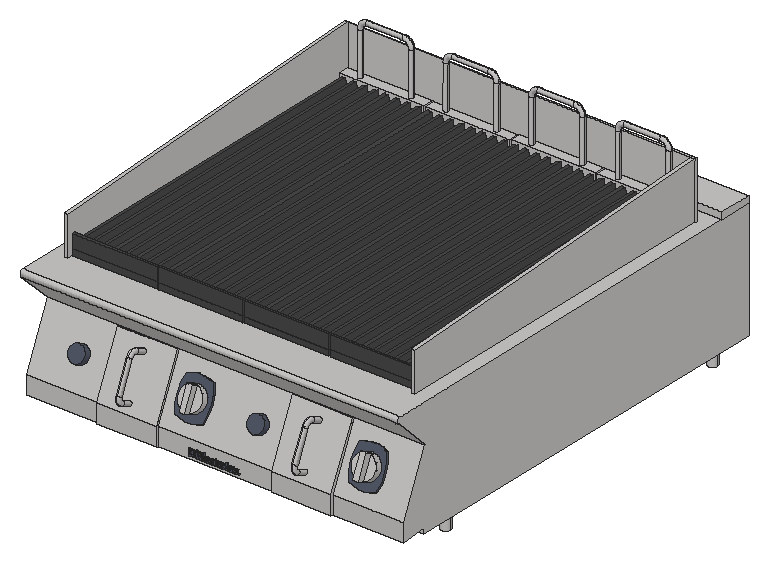
Revit family "QF_ELECTROLUXPROFESSIONAL_391187_E9GRTHGC0P", category Specialty Equipment, Revit 2018
Family settings
  Round Connector Dimension = Use Diameter
  Part Type = Normal
  Work Plane-Based = No
  Always vertical = Yes
  Cut with Voids When Loaded = No
  Shared = No
  Room Calculation Point = No
Parameters
  Width = 800 mm  # constant formula
  Weight in Pounds = 242.5  # constant formula
  Watts = 0 W
  URL Cutsheet = "www.electrolux.com"
  URL = "www.electrolux.com"
  Type Mark [instance] = ""
  Status [instance] = ""
  Specification by User [instance] = ""
  Specification by Manufacturer = ""
  Show Logo [instance] = yes
  Show Clearance [instance] = yes
  Serial Number = ""
  Seismic Rating = ""
  SMACNA No = ""
  Revision Code [instance] = ""
  Omniclass Number and Title = ""
  NAFEM Spec ID Number = ""
  Model = "391187"
  Mechanical Remarks [instance] = ""
  Mechanical Connection Type [instance] = ""
  Masterspec = ""
  Manufacturer = "ELECTROLUX"
  Item Number [instance] = ""
  Installed By [instance] = ""
  Identify Quantity as Lot [instance] = yes
  HP = "0 HP"
  Gas Size = 19.1 mm  # 0.75197"
  Gas RI Height [instance] = 0 mm
  Gas KW [instance] = 20  # constant formula
  Gas Input [instance] = 20000 VA  # 68242.8 Btu/h
  Gas Connection Height = 0 mm
  Furnished By [instance] = ""
  Foodservice Equipment Identifier [instance] = yes
  Direct Waste Size = 0"
  Description = "GAS GRILL TOP HP 800 MM TOWN GAS"
  Depth = 930 mm  # constant formula
  CSI MasterFormat = ""
  CSI Master Format = ""
  Base Height [instance] = 0 mm
Reference planes
  plane 1 "BACK": y = 0
  plane 2: z = 0
  plane 3 "LEFT": x = 0
  plane 4 "RIGHT": x = 800
  plane 5 "FRONT": y = -930
  plane 6 "TOP": z = 275
  plane 7 "Center Y": x = 400
  plane 8 "Center X": y = -465
  plane 9: z = 24
  plane 10: z = 424
  plane 11: x = 11
  plane 12: x = 789
  plane 13: y = -1690
  plane 14: x = 748
Forms (mm)
  Extrusion 1, solid, material "QF_Finishes_Stainless Steel"
    sketch origin (0, 0, 0) x (0, 1, 0) y (0, 0, 1)
      loop
        line (0, 275) -> (-922.639, 275)
        arc (-922.639, 275) -> (-929.44, 270.456) -> (-927.844, 262.434) r 7.361
        line (-927.844, 262.434) -> (-857.044, 191.634) -> (-913.4, 69.19) -> (-913.4, 31.09) -> (-860.028, 36.7) -> (-860.028, 24) -> (0, 24) -> (0, 275)
    from 0 to 800.1
  Extrusion 2, solid, material "QF_Finishes_Stainless Steel"
    sketch origin (0, 0, 0) x (1, 0, 0) y (0, 1, 0)
      loop
        circle (11, -80) r 9.525
      loop
        circle (11, -788) r 9.525
      loop
        circle (789, -80) r 9.525
      loop
        circle (789, -788) r 9.525
    from 0 to 24
  Extrusion 3, solid, material "QF_Clearances", visible <- "Show Clearance", detail levels coarse
    sketch origin (0, 0, 0) x (1, 0, 0) y (0, 1, 0)
      loop
        line (0, -930) -> (0, 0) -> (800, 0) -> (800, -930) -> (952, -930) -> (952, 203) -> (-150.019, 203) -> (-150.019, -930) -> (0, -930)
    from 0 to 424
  Extrusion 4, solid, material "QF_Finishes_Navy Blue"
    sketch origin (603.031, -927.103, 39.419) x (0, 0.418102, 0.9084) y (-1, 0, 0)
      loop
        circle (98.862, 129.601) r 17.8
    from 0 to 12.7
  Extrusion 5, solid, material "QF_Finishes_Stainless Steel"
    sketch origin (151.15, -199.714, 0) x (0, 1, 0) y (0, 0, 1)
      loop
        line (-657.416, 191.447) -> (-660.323, 192.784) -> (-716.972, 69.704) -> (-716.972, 30.903) -> (-713.772, 30.903) -> (-713.772, 69.003) -> (-657.416, 191.447)
    from 0 to 127
  Sweep 6, solid, material "QF_Finishes_Stainless Steel"
    path origin (213.65, -199.714, 0) x (0, 1, 0) y (0, 0, 1)
      loop
        line (-670.615, 170.424) -> (-691.243, 179.918)
        arc (-691.243, 179.918) -> (-700.956, 180.294) -> (-708.09, 173.692) r 12.7
        line (-708.09, 173.692) -> (-735.638, 113.839)
        arc (-735.638, 113.839) -> (-736.013, 104.126) -> (-729.411, 96.993) r 12.7
        line (-729.411, 96.993) -> (-708.782, 87.498)
    profile origin (213.65, -880.643, 175.171) x (0, -0.418102, -0.9084) y (1, 0, 0)
      loop
        circle (0, 0) r 4.572
  Extrusion 7, solid, material "QF_Finishes_Navy Blue"
    sketch origin (653.031, -927.103, 39.419) x (0, 0.418102, 0.9084) y (-1, 0, 0)
      loop
        circle (98.862, 559.801) r 17.8
    from 0 to 12.7
  Extrusion 8, solid, material "QF_Finishes_Stainless Steel"
    sketch origin (648.95, -199.714, 0) x (0, 1, 0) y (0, 0, -1)
      loop
        line (-657.416, -191.447) -> (-713.772, -69.003) -> (-713.772, -30.903) -> (-716.972, -30.903) -> (-716.972, -69.704) -> (-660.323, -192.784) -> (-657.416, -191.447)
    from 0 to 127
  Sweep 9, solid, material "QF_Finishes_Stainless Steel"
    path origin (586.45, -199.714, 0) x (0, 1, 0) y (0, 0, -1)
      loop
        line (-670.615, -170.424) -> (-691.243, -179.918)
        arc (-691.243, -179.918) -> (-700.956, -180.294) -> (-708.09, -173.692) r 12.7
        line (-708.09, -173.692) -> (-735.638, -113.839)
        arc (-735.638, -113.839) -> (-736.013, -104.126) -> (-729.411, -96.993) r 12.7
        line (-729.411, -96.993) -> (-708.782, -87.498)
    profile origin (586.45, -880.643, 175.171) x (0, 0.418102, 0.9084) y (-1, 0, 0)
      loop
        circle (0, 0) r 4.572
  Extrusion 10, solid, material "QF_Door-Drawer Clearances", visible <- "Show Clearance", detail levels coarse
    sketch origin (151.15, -199.714, 0) x (0, 1, 0) y (0, 0, 1)
      loop
        line (-660.323, 192.784) -> (-1409.258, 192.784) -> (-1465.907, 69.704) -> (-1465.907, 30.903) -> (-716.972, 30.903) -> (-716.972, 69.704) -> (-660.323, 192.784)
    from 0 to 127
  Extrusion 11, solid, material "QF_Door-Drawer Clearances", visible <- "Show Clearance", detail levels coarse
    sketch origin (521.95, -199.714, 0) x (0, 1, 0) y (0, 0, 1)
      loop
        line (-660.323, 192.784) -> (-1409.258, 192.784) -> (-1465.907, 69.704) -> (-1465.907, 30.903) -> (-716.972, 30.903) -> (-716.972, 69.704) -> (-660.323, 192.784)
    from 0 to 127
  Extrusion 12, solid, material "QF_Finishes_Navy Blue"
    sketch origin (-203.02, -913.486, 69.003) x (0, 0.418102, 0.9084) y (-1, 0, 0)
      loop
        arc (102.623, -510.47) -> (67.041, -502.846) -> (31.333, -509.853) r 90.5
        arc (31.333, -509.853) -> (24.507, -539.04) -> (31.333, -568.228) r 65.817
        arc (31.333, -568.228) -> (67.04, -575.188) -> (102.623, -567.615) r 91.066
        arc (102.623, -567.615) -> (109.179, -539.043) -> (102.623, -510.47) r 65.546
    from 0 to 3.175
  Extrusion 13, solid, material "QF_Finishes_Stainless Steel"
    sketch origin (175.73, -917.2, 68.529) x (0, 0.418102, 0.9084) y (-1, 0, 0)
      loop
        circle (68.826, -160.963) r 25.4
    from 0 to 12.7
  Extrusion 14, solid, material "QF_Finishes_Stainless Steel"
    sketch origin (175.73, -928.736, 73.839) x (0, 0.418102, 0.9084) y (-1, 0, 0)
      loop
        arc (93.558, -166.749) -> (94.226, -160.963) -> (93.558, -155.177) r 25.4
        line (93.558, -155.177) -> (44.094, -155.177)
        arc (44.094, -155.177) -> (43.426, -160.963) -> (44.094, -166.749) r 25.4
        line (44.094, -166.749) -> (93.558, -166.749)
    from 0 to 12.7
  Extrusion 15, solid, material "QF_Finishes_Stainless Steel"
    sketch origin (543.994, -917.2, 68.529) x (0, 0.418102, 0.9084) y (-1, 0, 0)
      loop
        circle (68.826, -160.963) r 25.4
    from 0 to 12.7
  Extrusion 16, solid, material "QF_Finishes_Stainless Steel"
    sketch origin (543.994, -928.736, 73.839) x (0, 0.418102, 0.9084) y (-1, 0, 0)
      loop
        arc (93.558, -166.749) -> (94.226, -160.963) -> (93.558, -155.177) r 25.4
        line (93.558, -155.177) -> (44.094, -155.177)
        arc (44.094, -155.177) -> (43.426, -160.963) -> (44.094, -166.749) r 25.4
        line (44.094, -166.749) -> (93.558, -166.749)
    from 0 to 12.7
  Extrusion 17, solid, material "QF_Finishes_Navy Blue", visible <- "Show Logo"
    sketch origin (58.349, -913.486, 30.903) x (0, 0, 1) y (-1, 0, 0)
      loop
        line (20.674, -296.698) -> (8.307, -296.698)
        arc (8.307, -296.698) -> (14.491, -301.27) -> (20.674, -296.698) r 6.467
      loop
        arc (20.674, -296.069) -> (19.505, -290.926) -> (14.849, -288.448) r 6.338
        line (14.849, -288.448) -> (14.849, -290.494)
        arc (14.849, -290.494) -> (16.333, -294.149) -> (19.778, -296.069) r 5.941
        line (19.778, -296.069) -> (20.674, -296.069)
      loop
        arc (9.203, -296.069) -> (12.648, -294.149) -> (14.132, -290.494) r 5.941
        line (14.132, -290.494) -> (14.132, -288.448)
        arc (14.132, -288.448) -> (9.438, -290.922) -> (8.148, -296.069) r 6.504
        line (8.148, -296.069) -> (9.203, -296.069)
      loop
        line (21.349, -287.979) -> (7.604, -287.979) -> (7.604, -301.742) -> (21.349, -301.742) -> (21.349, -287.979)
      loop
        arc (21.432, -304.71) -> (21.085, -304.352) -> (20.718, -304.69) r 0.358
        arc (20.718, -304.69) -> (20.404, -305.44) -> (19.687, -305.825) r 1.216
        line (19.687, -305.825) -> (9.274, -305.825)
        arc (9.274, -305.825) -> (8.614, -305.548) -> (8.218, -304.951) r 1.238
        arc (8.218, -304.951) -> (7.823, -304.7) -> (7.518, -305.054) r 0.358
        line (7.518, -305.054) -> (7.518, -314.933) -> (10.269, -314.933) -> (10.269, -314.036)
        arc (10.269, -314.036) -> (9.36, -313.456) -> (8.904, -312.479) r 1.928
        line (8.904, -312.479) -> (8.904, -309.98)
        arc (8.904, -309.98) -> (9.18, -309.251) -> (9.868, -308.887) r 1.101
        line (9.868, -308.887) -> (13.955, -308.887) -> (13.955, -312.561)
        arc (13.955, -312.561) -> (13.602, -313.058) -> (13.037, -313.286) r 1.083
        arc (13.037, -313.286) -> (12.773, -313.591) -> (13.065, -313.869) r 0.292
        line (13.065, -313.869) -> (16.028, -313.869)
        arc (16.028, -313.869) -> (16.33, -313.596) -> (16.092, -313.266) r 0.305
        arc (16.092, -313.266) -> (15.601, -313.018) -> (15.296, -312.561) r 1.083
        line (15.296, -312.561) -> (15.296, -308.887) -> (19.973, -308.887) -> (19.973, -312.635)
        arc (19.973, -312.635) -> (19.759, -313.39) -> (19.153, -313.888) r 1.314
        arc (19.153, -313.888) -> (18.934, -314.292) -> (19.288, -314.585) r 0.361
        line (19.288, -314.585) -> (21.432, -314.585) -> (21.432, -304.71)
      loop
        arc (20.715, -315.365) -> (20.335, -316.284) -> (19.416, -316.664) r 1.299
        line (19.416, -316.664) -> (9.837, -316.664)
        arc (9.837, -316.664) -> (8.999, -316.286) -> (8.728, -315.408) r 1.118
        line (8.728, -315.408) -> (7.518, -315.408) -> (7.518, -320.758) -> (8.706, -320.758)
        arc (8.706, -320.758) -> (8.978, -319.841) -> (9.848, -319.445) r 1.153
        line (9.848, -319.445) -> (21.92, -319.445) -> (20.715, -315.365)
      loop
        line (12.483, -323.394) -> (12.483, -329.842) -> (13.282, -329.842)
        arc (13.282, -329.842) -> (15.862, -328.857) -> (17.131, -326.404) r 3.874
        line (17.131, -326.404) -> (17.131, -324.643)
        arc (17.131, -324.643) -> (15.944, -321.778) -> (13.08, -320.592) r 4.051
        line (13.08, -320.592) -> (11.072, -320.592)
        arc (11.072, -320.592) -> (8.253, -322.077) -> (7.202, -325.084) r 4.352
        arc (7.202, -325.084) -> (7.566, -327.547) -> (8.943, -329.621) r 5.713
        line (8.943, -329.621) -> (9.892, -329.621)
        arc (9.892, -329.621) -> (9.16, -328.052) -> (8.943, -326.334) r 5.579
        arc (8.943, -326.334) -> (9.737, -324.371) -> (11.616, -323.394) r 3.057
        line (11.616, -323.394) -> (12.483, -323.394)
      loop
        line (13.742, -323.394) -> (13.742, -326.977)
        arc (13.742, -326.977) -> (15.199, -327.024) -> (16.082, -325.864) r 1.59
        line (16.082, -325.864) -> (16.082, -325.034)
        arc (16.082, -325.034) -> (15.217, -323.779) -> (13.742, -323.394) r 2.184
      loop
        arc (16.533, -339.259) -> (17.022, -337.585) -> (17.179, -335.848) r 9.023
        line (17.179, -335.848) -> (17.179, -334.486)
        arc (17.179, -334.486) -> (16.02, -331.686) -> (13.22, -330.527) r 3.959
        line (13.22, -330.527) -> (10.62, -330.527)
        arc (10.62, -330.527) -> (8.338, -331.819) -> (7.221, -334.192) r 4.331
        line (7.221, -334.192) -> (7.221, -336.327)
        arc (7.221, -336.327) -> (7.729, -337.877) -> (8.651, -339.223) r 5.772
        arc (8.651, -339.223) -> (9.412, -339.274) -> (9.499, -338.515) r 0.553
        arc (9.499, -338.515) -> (9.111, -337.781) -> (8.977, -336.962) r 2.573
        line (8.977, -336.962) -> (8.977, -335.447)
        arc (8.977, -335.447) -> (9.983, -333.806) -> (11.798, -333.163) r 2.884
        line (11.798, -333.163) -> (13.077, -333.163)
        arc (13.077, -333.163) -> (14.898, -333.723) -> (15.824, -335.388) r 2.554
        line (15.824, -335.388) -> (15.824, -336.441)
        arc (15.824, -336.441) -> (15.493, -337.369) -> (14.836, -338.104) r 2.564
        arc (14.836, -338.104) -> (14.614, -338.821) -> (15.223, -339.259) r 0.643
        line (15.223, -339.259) -> (16.533, -339.259)
      loop
        line (15.515, -339.53) -> (15.515, -341.031) -> (9.467, -341.031)
        arc (9.467, -341.031) -> (7.879, -341.688) -> (7.221, -343.276) r 2.246
        line (7.221, -343.276) -> (7.221, -344.86)
        arc (7.221, -344.86) -> (7.535, -345.725) -> (8.035, -346.496) r 4.06
        arc (8.035, -346.496) -> (8.768, -346.629) -> (9.019, -345.928) r 0.576
        arc (9.019, -345.928) -> (8.913, -345.403) -> (8.977, -344.87) r 1.69
        arc (8.977, -344.87) -> (9.519, -344.082) -> (10.425, -343.779) r 1.506
        line (10.425, -343.779) -> (15.563, -343.779) -> (15.563, -346.176) -> (16.119, -346.733) -> (16.941, -346.733) -> (16.941, -343.873) -> (20.172, -343.873) -> (15.515, -339.53)
      loop
        line (7.438, -347.63) -> (7.438, -353.017) -> (8.548, -353.017)
        arc (8.548, -353.017) -> (8.942, -352.066) -> (9.893, -351.672) r 1.345
        line (9.893, -351.672) -> (13.509, -351.672)
        arc (13.509, -351.672) -> (14.274, -352.264) -> (14.564, -353.186) r 1.615
        line (14.564, -353.186) -> (14.564, -354.742) -> (17.119, -355.427) -> (17.119, -354.044) -> (15.177, -351.485) -> (17.057, -351.485) -> (16.773, -348.779)
        arc (16.773, -348.779) -> (16.333, -348.249) -> (15.674, -348.45) r 0.621
        arc (15.674, -348.45) -> (15.274, -348.792) -> (14.78, -348.975) r 1.501
        line (14.78, -348.975) -> (9.893, -348.975)
        arc (9.893, -348.975) -> (8.942, -348.581) -> (8.548, -347.63) r 1.345
        line (8.548, -347.63) -> (7.438, -347.63)
      loop
        line (13.54, -354.964) -> (10.848, -354.964)
        arc (10.848, -354.964) -> (8.403, -356.272) -> (7.269, -358.803) r 4.288
        arc (7.269, -358.803) -> (7.205, -360.183) -> (7.269, -361.563) r 15.022
        arc (7.269, -361.563) -> (8.403, -364.094) -> (10.848, -365.401) r 4.288
        line (10.848, -365.401) -> (13.54, -365.401)
        arc (13.54, -365.401) -> (15.986, -364.094) -> (17.119, -361.563) r 4.288
        arc (17.119, -361.563) -> (17.183, -360.183) -> (17.119, -358.803) r 15.022
        arc (17.119, -358.803) -> (15.986, -356.272) -> (13.54, -354.964) r 4.288
      loop
        line (13.745, -358.078) -> (10.643, -358.078)
        arc (10.643, -358.078) -> (8.486, -360.235) -> (10.643, -362.392) r 2.157
        line (10.643, -362.392) -> (13.745, -362.392)
        arc (13.745, -362.392) -> (15.902, -360.235) -> (13.745, -358.078) r 2.157
      loop
        arc (20.726, -365.26) -> (20.355, -366.154) -> (19.461, -366.524) r 1.264
        line (19.461, -366.524) -> (9.597, -366.524)
        arc (9.597, -366.524) -> (8.727, -366.127) -> (8.455, -365.211) r 1.153
        line (8.455, -365.211) -> (7.518, -365.211) -> (7.518, -370.319) -> (8.446, -370.319)
        arc (8.446, -370.319) -> (8.805, -369.547) -> (9.597, -369.232) r 1.153
        line (9.597, -369.232) -> (21.92, -369.232) -> (20.726, -365.26)
      loop
        arc (15.846, -369.857) -> (15.647, -370.921) -> (14.678, -371.403) r 1.215
        line (14.678, -371.403) -> (9.658, -371.403)
        arc (9.658, -371.403) -> (8.043, -372.051) -> (7.322, -373.634) r 2.338
        line (7.322, -373.634) -> (7.322, -375.148)
        arc (7.322, -375.148) -> (7.497, -376.152) -> (7.999, -377.038) r 2.979
        line (7.999, -377.038) -> (7.518, -378.835) -> (7.518, -380.524) -> (16.943, -380.524) -> (16.649, -376.32) -> (15.863, -376.32)
        arc (15.863, -376.32) -> (15.507, -377.156) -> (14.755, -377.665) r 1.605
        line (14.755, -377.665) -> (9.652, -377.665)
        arc (9.652, -377.665) -> (9.232, -376.728) -> (9.159, -375.704) r 2.94
        arc (9.159, -375.704) -> (9.72, -374.603) -> (10.873, -374.16) r 1.724
        line (10.873, -374.16) -> (17.07, -374.16) -> (15.846, -369.857)
      loop
        line (16.874, -381.377) -> (15.202, -383.423) -> (12.028, -385.729) -> (8.572, -382.617)
        arc (8.572, -382.617) -> (8.335, -382.223) -> (8.357, -381.764) r 0.789
        line (8.357, -381.764) -> (7.518, -381.764) -> (7.518, -385.309) -> (8.344, -385.309)
        arc (8.344, -385.309) -> (8.686, -384.947) -> (9.176, -385.039) r 0.52
        line (9.176, -385.039) -> (10.976, -386.51) -> (8.858, -387.886)
        arc (8.858, -387.886) -> (8.457, -387.576) -> (8.37, -387.076) r 0.7
        line (8.37, -387.076) -> (7.518, -387.076) -> (7.518, -393.003) -> (8.405, -393.003)
        arc (8.405, -393.003) -> (8.472, -392.344) -> (8.866, -391.813) r 1.247
        line (8.866, -391.813) -> (13.066, -388.532) -> (15.513, -390.585) -> (16.874, -392.327) -> (16.874, -388.604) -> (15.389, -389.026) -> (13.868, -387.749) -> (15.568, -386.559) -> (16.874, -387.336) -> (16.874, -381.377)
    from 0 to 1.644
  Extrusion 18, solid, material "QF_Finishes_Navy Blue"
    sketch origin (165.244, -913.486, 69.003) x (0, 0.418102, 0.9084) y (-1, 0, 0)
      loop
        arc (102.623, -510.47) -> (67.041, -502.846) -> (31.333, -509.853) r 90.5
        arc (31.333, -509.853) -> (24.507, -539.04) -> (31.333, -568.228) r 65.817
        arc (31.333, -568.228) -> (67.04, -575.188) -> (102.623, -567.615) r 91.066
        arc (102.623, -567.615) -> (109.179, -539.043) -> (102.623, -510.47) r 65.546
    from 0 to 3.175
  Sweep 19, solid, material "QF_Door-Drawer Clearances", visible <- "Show Clearance", detail levels coarse
    path origin (213.65, -948.649, 0) x (0, 1, 0) y (0, 0, 1)
      loop
        line (-670.615, 170.424) -> (-691.243, 179.918)
        arc (-691.243, 179.918) -> (-700.956, 180.294) -> (-708.09, 173.692) r 12.7
        line (-708.09, 173.692) -> (-735.638, 113.839)
        arc (-735.638, 113.839) -> (-736.013, 104.126) -> (-729.411, 96.993) r 12.7
        line (-729.411, 96.993) -> (-708.782, 87.498)
    profile origin (213.65, -1629.578, 175.171) x (0, -0.418102, -0.9084) y (1, 0, 0)
      loop
        circle (0, 0) r 4.572
  Sweep 20, solid, material "QF_Door-Drawer Clearances", visible <- "Show Clearance", detail levels coarse
    path origin (586.45, -948.649, 0) x (0, 1, 0) y (0, 0, -1)
      loop
        line (-670.615, -170.424) -> (-691.243, -179.918)
        arc (-691.243, -179.918) -> (-700.956, -180.294) -> (-708.09, -173.692) r 12.7
        line (-708.09, -173.692) -> (-735.638, -113.839)
        arc (-735.638, -113.839) -> (-736.013, -104.126) -> (-729.411, -96.993) r 12.7
        line (-729.411, -96.993) -> (-708.782, -87.498)
    profile origin (586.45, -1629.578, 175.171) x (0, 0.418102, 0.9084) y (-1, 0, 0)
      loop
        circle (0, 0) r 4.572
  Extrusion 21, solid, material "QF_Finishes_Black"
    sketch origin (0, 0, 275) x (0, -1, 0) y (1, 0, 0)
      loop
        line (836.985, 36.625) -> (836.985, 216.737) -> (130.285, 216.737) -> (130.285, 36.625) -> (836.985, 36.625)
      loop
        line (130.285, 398.45) -> (130.285, 219.937) -> (836.985, 219.937) -> (836.985, 398.45) -> (130.285, 398.45)
      loop
        line (836.985, 763.475) -> (130.285, 763.475) -> (130.285, 583.363) -> (836.985, 583.363) -> (836.985, 763.475)
      loop
        line (130.285, 401.65) -> (836.985, 401.65) -> (836.985, 580.162) -> (130.285, 580.162) -> (130.285, 401.65)
    from 0 to 12.7
  Extrusion 22, solid, material "QF_Finishes_Stainless Steel"
    sketch origin (0, 0, 275) x (0, -1, 0) y (1, 0, 0)
      loop
        line (130.285, 36.625) -> (130.285, 216.737) -> (107.795, 216.737) -> (107.795, 36.625) -> (130.285, 36.625)
      loop
        line (130.285, 219.938) -> (130.285, 398.45) -> (107.795, 398.45) -> (107.795, 219.938) -> (130.285, 219.938)
      loop
        line (130.285, 763.475) -> (107.795, 763.475) -> (107.795, 583.363) -> (130.285, 583.363) -> (130.285, 763.475)
      loop
        line (130.285, 580.162) -> (107.795, 580.162) -> (107.795, 401.65) -> (130.285, 401.65) -> (130.285, 580.162)
    from 0 to 37.056
  Extrusion 23, solid, material "QF_Finishes_Black"
    sketch origin (52.271, -831.985, 287.7) x (-0.153405, 0, 0.988163) y (-0.988163, 0, -0.153405)
      loop
        line (-25.23, -162.52) -> (3.778, -167.024) -> (31.408, 10.957) -> (2.4, 15.46) -> (-25.23, -162.52)
      loop
        line (-53.106, -342.082) -> (-24.098, -346.585) -> (3.287, -170.186) -> (-25.721, -165.682) -> (-53.106, -342.082)
      loop
        line (-80.981, -521.643) -> (-51.973, -526.147) -> (-24.588, -349.747) -> (-53.597, -345.244) -> (-80.981, -521.643)
      loop
        line (-109.103, -702.786) -> (-80.094, -707.289) -> (-52.464, -529.309) -> (-81.472, -524.806) -> (-109.103, -702.786)
    from 5 to 0
  Sweep 24, solid, material "QF_Finishes_Stainless Steel"
    path origin (2.969, -118.772, 31.265) x (0, 0, 1) y (-1, 0, 0)
      loop
        line (280.79, -69.374) -> (372.677, -69.374)
        arc (372.677, -69.374) -> (383.453, -73.837) -> (387.917, -84.614) r 15.24
        line (387.917, -84.614) -> (387.917, -162.056)
        arc (387.917, -162.056) -> (383.453, -172.833) -> (372.677, -177.296) r 15.24
        line (372.677, -177.296) -> (280.79, -177.296)
    profile origin (72.343, -118.772, 357.999) x (-1, 0, 0) y (0, -1, 0)
      loop
        circle (0, 0) r 4.572
  Sweep 25, solid, material "QF_Finishes_Stainless Steel"
    path origin (173.525, -118.772, 31.265) x (0, 0, 1) y (-1, 0, 0)
      loop
        line (280.79, -80.474) -> (372.677, -80.474)
        arc (372.677, -80.474) -> (383.453, -84.937) -> (387.917, -95.714) r 15.24
        line (387.917, -95.714) -> (387.917, -173.156)
        arc (387.917, -173.156) -> (383.453, -183.933) -> (372.677, -188.396) r 15.24
        line (372.677, -188.396) -> (280.79, -188.396)
    profile origin (253.999, -118.772, 357.999) x (-1, 0, 0) y (0, -1, 0)
      loop
        circle (0, 0) r 4.572
  Extrusion 26, solid, material "QF_Finishes_Stainless Steel"
    sketch origin (35.025, -104.885, 396.363) x (0, -1, 0) y (0, 0, -1)
      loop
        line (0, 0) -> (743.115, 38.857) -> (743.115, 121.362) -> (0, 121.363) -> (0, 0)
    from 0 to -6.35
  Extrusion 27, solid, material "QF_Finishes_Stainless Steel"
    sketch origin (35.025, -104.885, 275) x (0, 0, 1) y (1, 0, 0)
      loop
        line (0, -6.35) -> (121.363, -6.35) -> (121.363, 736.3) -> (0, 736.3) -> (0, -6.35)
    from 0 to 3.2
  Sweep 28, solid, material "QF_Finishes_Stainless Steel"
    path origin (796.35, -118.772, 31.265) x (0, 0, 1) y (-1, 0, 0)
      loop
        line (280.79, 69.374) -> (372.677, 69.374)
        arc (372.677, 69.374) -> (383.453, 73.837) -> (387.917, 84.614) r 15.24
        line (387.917, 84.614) -> (387.917, 162.056)
        arc (387.917, 162.056) -> (383.453, 172.833) -> (372.677, 177.296) r 15.24
        line (372.677, 177.296) -> (280.79, 177.296)
    profile origin (726.976, -118.772, 357.999) x (-1, 0, 0) y (0, -1, 0)
      loop
        circle (0, 0) r 4.572
  Sweep 29, solid, material "QF_Finishes_Stainless Steel"
    path origin (624.153, -118.772, 31.265) x (0, 0, 1) y (-1, 0, 0)
      loop
        line (280.79, 80.474) -> (372.677, 80.474)
        arc (372.677, 80.474) -> (383.453, 84.937) -> (387.917, 95.714) r 15.24
        line (387.917, 95.714) -> (387.917, 173.156)
        arc (387.917, 173.156) -> (383.453, 183.933) -> (372.677, 188.396) r 15.24
        line (372.677, 188.396) -> (280.79, 188.396)
    profile origin (543.679, -118.772, 357.999) x (-1, 0, 0) y (0, -1, 0)
      loop
        circle (0, 0) r 4.572
  Extrusion 30, solid, material "QF_Finishes_Stainless Steel"
    sketch origin (0, 0, 275) x (0, -1, 0) y (1, 0, 0)
      loop
        line (0, 800.1) -> (0, 0) -> (69.85, 0) -> (69.85, 800.1) -> (0, 800.1)
    from 0 to 15
  Extrusion 31, solid, material "QF_Finishes_Stainless Steel"
    sketch origin (764.975, -104.885, 396.363) x (0, -1, 0) y (0, 0, 1)
      loop
        line (0, 0) -> (0, -121.363) -> (743.115, -121.362) -> (743.115, -38.857) -> (0, 0)
    from 0 to -6.35
  Extrusion 32, solid, material "QF_Finishes_Stainless Steel"
    sketch origin (0, -101.6, 24) x (-1, 0, 0) y (0, 1, 0)
      loop
        circle (-748, -561.4) r 6.35
    from 0 to 9
  Extrusion 33, solid, material "QF_Finishes_Stainless Steel"
    sketch origin (0, 0, 0) x (1, 0, 0) y (0, 0, 1)
      loop
        circle (748, 78) r 6.35
    from 50 to 101.685
Lines and regions (mm)
  Split face 1
    outline origin (-203.02, -916.37, 70.33) x (0, 0.418102, 0.9084) y (-1, 0, 0)
      loop
        arc (67.041, -503.158) -> (48.669, -506.69) -> (35.363, -519.842) r 32.191
        line (35.363, -519.842) -> (45.047, -525.087)
        arc (45.047, -525.087) -> (54.648, -516.737) -> (67.041, -513.859) r 26.351
        line (67.041, -513.859) -> (67.041, -503.158)
  Split face 2
    outline origin (-203.02, -916.37, 70.33) x (0, 0.418102, 0.9084) y (-1, 0, 0)
      loop
        line (44.251, -526.293) -> (34.615, -521.075)
        arc (34.615, -521.075) -> (41.047, -560.592) -> (81.049, -562.261) r 31.684
        arc (81.049, -562.261) -> (48.21, -559.05) -> (44.251, -526.293) r 26.351
  Split face 3
    outline origin (165.244, -916.37, 70.33) x (0, 0.418102, 0.9084) y (-1, 0, 0)
      loop
        arc (67.041, -503.158) -> (48.669, -506.69) -> (35.363, -519.842) r 32.191
        line (35.363, -519.842) -> (45.047, -525.087)
        arc (45.047, -525.087) -> (54.648, -516.737) -> (67.041, -513.859) r 26.351
        line (67.041, -513.859) -> (67.041, -503.158)
  Split face 4
    outline origin (165.244, -916.37, 70.33) x (0, 0.418102, 0.9084) y (-1, 0, 0)
      loop
        line (44.251, -526.293) -> (34.615, -521.075)
        arc (34.615, -521.075) -> (41.047, -560.592) -> (81.049, -562.261) r 31.684
        arc (81.049, -562.261) -> (48.21, -559.05) -> (44.251, -526.293) r 26.351
  symbolic lines, style "QF_Door-Drawer Clearances"
    curve 1: line (278.15, -1665.621, 0) -> (278.15, -930, 0)
    curve 2: line (278.15, -1665.621, 0) -> (218.222, -1665.621, 0)
    curve 3: line (151.15, -1665.621, 0) -> (151.15, -930, 0)
    curve 4: spline (213.65, -1617.352, 0) -> (214.247, -1617.369, 0) -> (214.833, -1617.417, 0) -> (215.4, -1617.498, 0) -> (215.936, -1617.608, 0) -> (216.433, -1617.747, 0) -> (216.883, -1617.912, 0) -> (217.277, -1618.1, 0) -> (217.609, -1618.308, 0) -> (217.874, -1618.532, 0) -> (218.066, -1618.769, 0) -> (218.183, -1619.014, 0) -> (218.222, -1619.264, 0)
    curve 5: spline (209.078, -1619.264, 0) -> (209.117, -1619.014, 0) -> (209.234, -1618.769, 0) -> (209.426, -1618.532, 0) -> (209.691, -1618.308, 0) -> (210.023, -1618.1, 0) -> (210.417, -1617.912, 0) -> (210.867, -1617.747, 0) -> (211.364, -1617.608, 0) -> (211.9, -1617.498, 0) -> (212.467, -1617.417, 0) -> (213.053, -1617.369, 0) -> (213.65, -1617.352, 0)
    curve 6: line (218.222, -1619.264, 0) -> (218.222, -1685.435, 0)
    curve 7: line (209.078, -1619.264, 0) -> (209.078, -1685.435, 0)
    curve 8: arc (209.078, -1685.435, 0) -> (213.65, -1690.007, 0) -> (218.222, -1685.435, 0) r 4.572
    curve 9: line (648.95, -1665.621, 0) -> (648.95, -930, 0)
    curve 10: line (648.95, -1665.621, 0) -> (590.897, -1665.621, 0)
    curve 11: line (521.95, -1665.621, 0) -> (521.95, -930, 0)
    curve 12: spline (586.325, -1617.352, 0) -> (586.922, -1617.369, 0) -> (587.508, -1617.417, 0) -> (588.075, -1617.498, 0) -> (588.611, -1617.608, 0) -> (589.108, -1617.747, 0) -> (589.558, -1617.912, 0) -> (589.952, -1618.1, 0) -> (590.284, -1618.308, 0) -> (590.549, -1618.532, 0) -> (590.741, -1618.769, 0) -> (590.858, -1619.014, 0) -> (590.897, -1619.264, 0)
    curve 13: spline (581.753, -1619.264, 0) -> (581.792, -1619.014, 0) -> (581.909, -1618.769, 0) -> (582.101, -1618.532, 0) -> (582.366, -1618.308, 0) -> (582.698, -1618.1, 0) -> (583.092, -1617.912, 0) -> (583.542, -1617.747, 0) -> (584.039, -1617.608, 0) -> (584.575, -1617.498, 0) -> (585.142, -1617.417, 0) -> (585.728, -1617.369, 0) -> (586.325, -1617.352, 0)
    curve 14: line (590.897, -1619.264, 0) -> (590.897, -1685.435, 0)
    curve 15: line (581.753, -1619.264, 0) -> (581.753, -1685.435, 0)
    curve 16: arc (581.753, -1685.435, 0) -> (586.325, -1690.007, 0) -> (590.897, -1685.435, 0) r 4.572
    curve 17: line (581.753, -1665.621, 0) -> (521.95, -1665.621, 0)
    curve 18: line (209.078, -1665.621, 0) -> (151.15, -1665.621, 0)
  symbolic lines, style "QF_Clearances", visible <- "Show Clearance", detail levels coarse
    curve 19: line (952, -930, 0) -> (952, 203, 0)
    curve 20: line (952, 203, 0) -> (-150.019, 203, 0)
    curve 21: line (-150.019, 203, 0) -> (-150.019, -930, 0)
  symbolic lines
    curve 22: line (0, -930, 0) -> (800, -930, 0)
    curve 23: line (0, 0, 0) -> (0, -930, 0)
    curve 24: line (800, 0, 0) -> (0, 0, 0)
    curve 25: line (800, -930, 0) -> (800, 0, 0)
    curve 26: line (0, -69.85, 0) -> (800, -69.85, 0)
    curve 27: line (771.325, -848, 0) -> (771.325, -98.535, 0)
    curve 28: line (35.025, -104.885, 0) -> (764.975, -104.885, 0)
    curve 29: line (764.975, -104.885, 0) -> (764.975, -848, 0)
    curve 30: line (763.475, -836.985, 0) -> (763.475, -107.795, 0)
    curve 31: line (763.475, -107.795, 0) -> (583.363, -107.795, 0)
    curve 32: line (583.363, -130.285, 0) -> (763.475, -130.285, 0)
    curve 33: line (583.363, -107.795, 0) -> (583.363, -836.985, 0)
    curve 34: line (36.625, -836.985, 0) -> (216.737, -836.985, 0)
    curve 35: line (216.737, -831.985, 0) -> (36.625, -831.985, 0)
    curve 36: line (219.938, -836.985, 0) -> (398.45, -836.985, 0)
    curve 37: line (398.45, -831.985, 0) -> (219.938, -831.985, 0)
    curve 38: line (401.65, -836.985, 0) -> (580.162, -836.985, 0)
    curve 39: line (580.162, -831.985, 0) -> (401.65, -831.985, 0)
    curve 40: line (583.363, -836.985, 0) -> (763.475, -836.985, 0)
    curve 41: line (763.475, -831.985, 0) -> (583.363, -831.985, 0)
    curve 42: line (764.975, -848, 0) -> (771.325, -848, 0)
    curve 43: line (28.675, -848, 0) -> (28.675, -98.535, 0)
    curve 44: line (35.025, -104.885, 0) -> (35.025, -848, 0)
    curve 45: line (35.025, -848, 0) -> (28.675, -848, 0)
    curve 46: line (28.675, -98.535, 0) -> (771.325, -98.535, 0)
    curve 47: line (619.054, -123.344, 0) -> (727.022, -123.344, 0)
    curve 48: line (619.054, -114.2, 0) -> (727.022, -114.2, 0)
    curve 49: arc (727.022, -114.2, 0) -> (731.594, -118.772, 0) -> (727.022, -123.344, 0) r 4.572
    curve 50: arc (619.054, -114.2, 0) -> (614.482, -118.772, 0) -> (619.054, -123.344, 0) r 4.572
    curve 51: line (580.162, -836.985, 0) -> (580.162, -107.795, 0)
    curve 52: line (580.162, -107.795, 0) -> (401.65, -107.795, 0)
    curve 53: line (401.65, -130.285, 0) -> (580.162, -130.285, 0)
    curve 54: line (401.65, -107.795, 0) -> (401.65, -836.985, 0)
    curve 55: line (435.741, -123.344, 0) -> (543.71, -123.344, 0)
    curve 56: line (435.741, -114.2, 0) -> (543.71, -114.2, 0)
    curve 57: arc (543.71, -114.2, 0) -> (548.282, -118.772, 0) -> (543.71, -123.344, 0) r 4.572
    curve 58: arc (435.741, -114.2, 0) -> (431.169, -118.772, 0) -> (435.741, -123.344, 0) r 4.572
    curve 59: line (398.45, -836.985, 0) -> (398.45, -107.795, 0)
    curve 60: line (398.45, -107.795, 0) -> (219.938, -107.795, 0)
    curve 61: line (219.938, -130.285, 0) -> (398.45, -130.285, 0)
    curve 62: line (219.938, -107.795, 0) -> (219.938, -836.985, 0)
    curve 63: line (254.029, -123.344, 0) -> (361.997, -123.344, 0)
    curve 64: line (254.029, -114.2, 0) -> (361.997, -114.2, 0)
    curve 65: arc (361.997, -114.2, 0) -> (366.569, -118.772, 0) -> (361.997, -123.344, 0) r 4.572
    curve 66: arc (254.029, -114.2, 0) -> (249.457, -118.772, 0) -> (254.029, -123.344, 0) r 4.572
    curve 67: line (216.737, -836.985, 0) -> (216.737, -107.795, 0)
    curve 68: line (216.737, -107.795, 0) -> (36.625, -107.795, 0)
    curve 69: line (36.625, -130.285, 0) -> (216.737, -130.285, 0)
    curve 70: line (36.625, -107.795, 0) -> (36.625, -836.985, 0)
    curve 71: line (72.316, -123.344, 0) -> (180.285, -123.344, 0)
    curve 72: line (72.316, -114.2, 0) -> (180.285, -114.2, 0)
    curve 73: arc (180.285, -114.2, 0) -> (184.857, -118.772, 0) -> (180.285, -123.344, 0) r 4.572
    curve 74: arc (72.316, -114.2, 0) -> (67.744, -118.772, 0) -> (72.316, -123.344, 0) r 4.572
Dimensions and locks
  equal spacing: plane 3 "LEFT", plane 7 "Center Y", plane 4 "RIGHT"
  "Width": plane 3 "LEFT" to plane 4 "RIGHT"
  equal spacing: plane 5 "FRONT", plane 8 "Center X", plane 1 "BACK"
  "Depth": plane 5 "FRONT" to plane 1 "BACK"
  plane 6 "TOP" to level = 275 mm
  plane 9 to level = 24 mm  (x2)
  plane 6 "TOP" to plane 9 = 251 mm  (x2)
  plane 10 to level = 424 mm  (x2)
  plane 10 to plane 9 = 400 mm
  locked: plane 11 to plane 3 "LEFT" at 11
  locked: plane 4 "RIGHT" to plane 12 at 11
  plane 11 to plane 12 = 778 mm
  plane 1 "BACK" to plane 13 = 1690 mm  (x2)
  plane 1 "BACK" to Extrusion 2 to Extrusion 2 to plane 5 "FRONT" = 80 mm, 708 mm, 142 mm
  equal spacing: group 1, group 3, group 4, group 5, group 6, group 7, group 8, group 9, group 10, group 11, group 12, group 13, group 14, group 15, group 16, group 17, group 18, group 19, group 20, group 21, group 22, group 23, group 24, group 25, group 26, group 27, group 28, group 29, group 30, group 31, group 32, group 2  (x3)
  plane 14 to plane 4 "RIGHT" = 52 mm
  plane 1 "BACK" to Extrusion 33 = 50 mm
  Extrusion 32 to plane 1 "BACK" = 663 mm
  plane 4 "RIGHT" to Extrusion 3 = 152 mm
  plane 1 "BACK" to Extrusion 3 = 203 mm
  plane 1 "BACK" to plane 5 "FRONT" = 930 mm
  Extrusion 30 to plane 9 = 266 mm
  Extrusion 33 sketch curve to plane 4 "RIGHT" = 52 mm
  Extrusion 33 sketch curve to plane 9 = 54 mm
  Extrusion 32 sketch curve to plane 1 "BACK" = 663 mm
  aligned and locked: level to plane 2
Automatic sketch dimensions
  Extrusion 1 sketch curve to plane 6 "TOP" = 0 mm
  Extrusion 1 sketch curve to plane 9 = 0 mm
  Extrusion 1 sketch curve to plane 1 "BACK" = 0 mm
  Extrusion 1 sketch curve to plane 5 "FRONT" = 72.956 mm
  plane 9 to Extrusion 1 sketch curve = 12.7 mm
  Extrusion 1 sketch curve to plane 5 "FRONT" = 69.972 mm
  plane 9 to Extrusion 1 sketch curve = 7.09 mm
  Extrusion 1 sketch curve to plane 5 "FRONT" = 16.6 mm
  Extrusion 1 sketch curve to plane 5 "FRONT" = 7.361 mm
  Extrusion 1 sketch curve to plane 5 "FRONT" = 2.156 mm
  Extrusion 1 sketch curve to Extrusion 1 sketch curve = 38.1 mm
  Extrusion 1 sketch curve to plane 6 "TOP" = 83.366 mm
  Extrusion 1 sketch curve to plane 6 "TOP" = 12.566 mm
  Extrusion 2 sketch curve to plane 11 = 0 mm  (x2)
  Extrusion 2 sketch curve to plane 12 = 0 mm  (x2)
  Extrusion 2 sketch curve to plane 5 "FRONT" = 142 mm  (x2)
  plane 1 "BACK" to Extrusion 2 sketch curve = 80 mm  (x2)
  plane 5 "FRONT" to Extrusion 3 sketch curve = 0 mm  (x2)
  plane 1 "BACK" to Extrusion 3 sketch curve = 0 mm
  Extrusion 3 sketch curve to plane 3 "LEFT" = 0 mm
  Extrusion 3 sketch curve to plane 3 "LEFT" = 150.019 mm
  Extrusion 3 sketch curve to plane 4 "RIGHT" = 0 mm
  Extrusion 3 sketch curve to Extrusion 3 sketch curve = 152 mm
  Extrusion 3 sketch curve to plane 1 "BACK" = 203 mm
  Extrusion 4 sketch curve to Extrusion 1 = 66.089 mm
  Extrusion 1 to Extrusion 4 sketch curve = 326.67 mm
  Extrusion 5 sketch curve to plane 5 "FRONT" = 13.314 mm
  Extrusion 5 sketch curve to Extrusion 5 sketch curve = 3.2 mm
  Extrusion 5 sketch curve to plane 5 "FRONT" = 69.963 mm
  Extrusion 5 sketch curve to Extrusion 5 sketch curve = 2.907 mm
  plane 9 to Extrusion 5 sketch curve = 6.903 mm
  Extrusion 5 sketch curve to Extrusion 5 sketch curve = 38.1 mm
  Extrusion 5 sketch curve to Extrusion 5 sketch curve = 0.701 mm
  plane 5 "FRONT" to Sweep 6 sketch curve = 5.352 mm
  Sweep 6 sketch curve to plane 5 "FRONT" = 0.875 mm
  Sweep 6 sketch curve to plane 5 "FRONT" = 6.185 mm
  Sweep 6 sketch curve to plane 5 "FRONT" = 21.504 mm
  Sweep 6 sketch curve to plane 5 "FRONT" = 22.196 mm
  Sweep 6 sketch curve to Sweep 6 sketch curve = 11.537 mm  (x2)
  Sweep 6 sketch curve to Sweep 6 sketch curve = 5.31 mm  (x2)
  Sweep 6 sketch curve to Sweep 6 sketch curve = 20.629 mm
  plane 9 to Sweep 6 sketch curve = 63.498 mm
  Sweep 6 sketch curve to Sweep 6 sketch curve = 9.495 mm
  Sweep 6 sketch curve to Sweep 6 sketch curve = 59.852 mm
  Sweep 6 sketch curve to Sweep 6 sketch curve = 2.042 mm
  Sweep 6 sketch curve to profile plane = 0 mm  (x2)
  Extrusion 7 sketch curve to Extrusion 1 = 66.089 mm
  Extrusion 1 to Extrusion 7 sketch curve = 93.23 mm
  Extrusion 8 sketch curve to plane 5 "FRONT" = 13.314 mm
  Extrusion 8 sketch curve to Extrusion 8 sketch curve = 3.2 mm
  Extrusion 8 sketch curve to plane 5 "FRONT" = 69.963 mm
  Extrusion 8 sketch curve to Extrusion 8 sketch curve = 2.907 mm
  Extrusion 8 sketch curve to plane 6 "TOP" = 82.216 mm
  Extrusion 8 sketch curve to Extrusion 8 sketch curve = 1.338 mm
  plane 9 to Extrusion 8 sketch curve = 6.903 mm
  plane 5 "FRONT" to Sweep 9 sketch curve = 5.352 mm
  Sweep 9 sketch curve to plane 5 "FRONT" = 0.875 mm
  Sweep 9 sketch curve to plane 5 "FRONT" = 6.185 mm
  Sweep 9 sketch curve to plane 5 "FRONT" = 21.504 mm
  Sweep 9 sketch curve to plane 5 "FRONT" = 22.196 mm
  Sweep 9 sketch curve to Sweep 9 sketch curve = 11.537 mm
  Sweep 9 sketch curve to Sweep 9 sketch curve = 5.31 mm  (x2)
  Sweep 9 sketch curve to Sweep 9 sketch curve = 20.629 mm
  Sweep 9 sketch curve to plane 6 "TOP" = 95.082 mm
  Sweep 9 sketch curve to Sweep 9 sketch curve = 6.227 mm
  Sweep 9 sketch curve to Sweep 9 sketch curve = 9.495 mm  (x2)
  Sweep 9 sketch curve to Sweep 9 sketch curve = 59.852 mm
  profile plane to Sweep 9 sketch curve = 0 mm
  Sweep 9 sketch curve to profile plane = 0 mm
  plane 13 to Extrusion 10 sketch curve = 24.379 mm
  plane 13 to Extrusion 10 sketch curve = 81.028 mm
  Extrusion 10 sketch curve to plane 5 "FRONT" = 13.314 mm
  Extrusion 10 sketch curve to plane 5 "FRONT" = 69.963 mm
  plane 9 to Extrusion 10 sketch curve = 6.903 mm
  Extrusion 10 sketch curve to Extrusion 10 sketch curve = 38.801 mm  (x2)
  Extrusion 10 sketch curve to plane 6 "TOP" = 82.216 mm
  plane 13 to Extrusion 11 sketch curve = 24.379 mm
  plane 13 to Extrusion 11 sketch curve = 81.028 mm
  Extrusion 11 sketch curve to plane 5 "FRONT" = 13.314 mm
  Extrusion 11 sketch curve to plane 5 "FRONT" = 69.963 mm
  plane 9 to Extrusion 11 sketch curve = 6.903 mm
  Extrusion 11 sketch curve to Extrusion 11 sketch curve = 38.801 mm  (x2)
  Extrusion 11 sketch curve to plane 6 "TOP" = 82.216 mm
  Extrusion 12 sketch curve to plane 7 "Center Y" = 93.167 mm
  Extrusion 12 sketch curve to plane 7 "Center Y" = 34.792 mm
  Extrusion 12 sketch curve to Extrusion 12 sketch curve = 0 mm
  Extrusion 12 sketch curve to Extrusion 12 sketch curve = 12.3 mm  (x3)
  Extrusion 12 sketch curve to plane 7 "Center Y" = 9.678 mm
  Extrusion 12 sketch curve to Extrusion 12 sketch curve = 34.925 mm  (x2)
  Extrusion 12 sketch curve to Extrusion 12 sketch curve = 46.691 mm
  Extrusion 12 sketch curve to Extrusion 12 sketch curve = 28.575 mm
  Extrusion 14 sketch curve to Extrusion 14 sketch curve = 24.732 mm
  Extrusion 14 sketch curve to Extrusion 14 sketch curve = 0 mm
  Extrusion 15 sketch curve to plane 12 = 84.043 mm
  Extrusion 16 sketch curve to Extrusion 16 sketch curve = 24.732 mm
  Extrusion 16 sketch curve to Extrusion 16 sketch curve = 0 mm
  plane 9 to Extrusion 17 sketch curve = 9.063 mm
  plane 9 to Extrusion 17 sketch curve = 14.104 mm
  plane 7 "Center Y" to Extrusion 17 sketch curve = 3.209 mm
  plane 9 to Extrusion 17 sketch curve = 14.124 mm
  Extrusion 17 sketch curve to Extrusion 17 sketch curve = 0 mm  (x28)
  Extrusion 17 sketch curve to Extrusion 17 sketch curve = 5.108 mm  (x2)
  Extrusion 17 sketch curve to Extrusion 17 sketch curve = 0.054 mm
  Extrusion 17 sketch curve to Extrusion 17 sketch curve = 0.218 mm
  Extrusion 17 sketch curve to Extrusion 17 sketch curve = 0.195 mm
  Extrusion 17 sketch curve to Extrusion 17 sketch curve = 0.249 mm
  plane 9 to Extrusion 17 sketch curve = 14.421 mm
  Extrusion 17 sketch curve to Extrusion 17 sketch curve = 0.087 mm
  Extrusion 17 sketch curve to Extrusion 17 sketch curve = 0.358 mm
  Extrusion 17 sketch curve to Extrusion 17 sketch curve = 0.481 mm
  Extrusion 17 sketch curve to Extrusion 17 sketch curve = 0.597 mm
  Extrusion 17 sketch curve to Extrusion 17 sketch curve = 0.544 mm
  Extrusion 17 sketch curve to Extrusion 17 sketch curve = 0.936 mm
  Extrusion 17 sketch curve to Extrusion 17 sketch curve = 0.594 mm
  Extrusion 17 sketch curve to Extrusion 17 sketch curve = 0.343 mm
  Extrusion 17 sketch curve to Extrusion 17 sketch curve = 0.159 mm
  Extrusion 17 sketch curve to Extrusion 17 sketch curve = 0.826 mm
  Extrusion 17 sketch curve to Extrusion 17 sketch curve = 0.839 mm
  Extrusion 17 sketch curve to Extrusion 17 sketch curve = 0.852 mm
  Extrusion 17 sketch curve to Extrusion 17 sketch curve = 0.887 mm
  Extrusion 17 sketch curve to Extrusion 17 sketch curve = 0.928 mm
  Extrusion 17 sketch curve to Extrusion 17 sketch curve = 0.938 mm
  Extrusion 17 sketch curve to Extrusion 17 sketch curve = 0.444 mm
  Extrusion 17 sketch curve to Extrusion 17 sketch curve = 1.11 mm  (x3)
  Extrusion 17 sketch curve to Extrusion 17 sketch curve = 0.215 mm
  Extrusion 17 sketch curve to Extrusion 17 sketch curve = 1.43 mm
  Extrusion 17 sketch curve to Extrusion 17 sketch curve = 1.188 mm
  Extrusion 17 sketch curve to Extrusion 17 sketch curve = 1.21 mm  (x2)
  Extrusion 17 sketch curve to Extrusion 17 sketch curve = 0.503 mm
  Extrusion 17 sketch curve to Extrusion 17 sketch curve = 0.488 mm
  Extrusion 17 sketch curve to Extrusion 17 sketch curve = 0.462 mm
  Extrusion 17 sketch curve to Extrusion 17 sketch curve = 1.386 mm
  Extrusion 17 sketch curve to Extrusion 17 sketch curve = 1.742 mm  (x2)
  Extrusion 17 sketch curve to Extrusion 17 sketch curve = 0.821 mm
  Extrusion 17 sketch curve to Extrusion 17 sketch curve = 0.497 mm
  Extrusion 17 sketch curve to Extrusion 17 sketch curve = 0.539 mm
  Extrusion 17 sketch curve to Extrusion 17 sketch curve = 0.686 mm
  Extrusion 17 sketch curve to Extrusion 17 sketch curve = 0.408 mm
  Extrusion 17 sketch curve to Extrusion 17 sketch curve = 0.743 mm
  Extrusion 17 sketch curve to Extrusion 17 sketch curve = 1.16 mm
  Extrusion 17 sketch curve to Extrusion 17 sketch curve = 0.329 mm
  Extrusion 17 sketch curve to Extrusion 17 sketch curve = 1.054 mm
  Extrusion 17 sketch curve to Extrusion 17 sketch curve = 1.056 mm
  Extrusion 17 sketch curve to Extrusion 17 sketch curve = 0.129 mm
  Extrusion 17 sketch curve to Extrusion 17 sketch curve = 0.489 mm
  Extrusion 17 sketch curve to Extrusion 17 sketch curve = 0.441 mm
  Extrusion 17 sketch curve to Extrusion 17 sketch curve = 1.151 mm
  Extrusion 17 sketch curve to Extrusion 17 sketch curve = 1.141 mm  (x2)
  Extrusion 17 sketch curve to Extrusion 17 sketch curve = 0.768 mm
  Extrusion 17 sketch curve to Extrusion 17 sketch curve = 1.653 mm
  Extrusion 17 sketch curve to Extrusion 17 sketch curve = 0.499 mm
  Extrusion 17 sketch curve to Extrusion 17 sketch curve = 0.964 mm
  Extrusion 17 sketch curve to Extrusion 17 sketch curve = 0.949 mm
  Extrusion 17 sketch curve to Extrusion 17 sketch curve = 1.345 mm  (x2)
  Extrusion 17 sketch curve to Extrusion 17 sketch curve = 1.101 mm
  Extrusion 17 sketch curve to Extrusion 17 sketch curve = 0.432 mm
  Extrusion 17 sketch curve to Extrusion 17 sketch curve = 1.142 mm
  Extrusion 17 sketch curve to Extrusion 17 sketch curve = 0.959 mm
  Extrusion 17 sketch curve to Extrusion 17 sketch curve = 0.176 mm
  Extrusion 17 sketch curve to Extrusion 17 sketch curve = 0.728 mm
  Extrusion 17 sketch curve to Extrusion 17 sketch curve = 3.375 mm  (x2)
  Extrusion 17 sketch curve to Extrusion 17 sketch curve = 0.541 mm
  Extrusion 17 sketch curve to Extrusion 17 sketch curve = 0.955 mm
  Extrusion 17 sketch curve to Extrusion 17 sketch curve = 1.251 mm
  Extrusion 17 sketch curve to Extrusion 17 sketch curve = 0.572 mm
  Extrusion 17 sketch curve to Extrusion 17 sketch curve = 1.92 mm
  Extrusion 17 sketch curve to Extrusion 17 sketch curve = 1.224 mm
  Extrusion 17 sketch curve to Extrusion 17 sketch curve = 0.745 mm
  Extrusion 17 sketch curve to Extrusion 17 sketch curve = 2.537 mm
  Extrusion 17 sketch curve to Extrusion 17 sketch curve = 0.896 mm  (x3)
  Extrusion 17 sketch curve to Extrusion 17 sketch curve = 0.036 mm
  Extrusion 17 sketch curve to Extrusion 17 sketch curve = 2.607 mm
  Extrusion 17 sketch curve to Extrusion 17 sketch curve = 0.066 mm
  Extrusion 17 sketch curve to Extrusion 17 sketch curve = 0.248 mm
  Extrusion 17 sketch curve to Extrusion 17 sketch curve = 0.449 mm
  Extrusion 17 sketch curve to Extrusion 17 sketch curve = 1.052 mm
  Extrusion 17 sketch curve to Extrusion 17 sketch curve = 1.863 mm
  Extrusion 17 sketch curve to Extrusion 17 sketch curve = 1.31 mm  (x2)
  Extrusion 17 sketch curve to Extrusion 17 sketch curve = 0.901 mm
  Extrusion 17 sketch curve to Extrusion 17 sketch curve = 1.107 mm
  Extrusion 17 sketch curve to Extrusion 17 sketch curve = 2.122 mm
  Extrusion 17 sketch curve to Extrusion 17 sketch curve = 2.101 mm
  Extrusion 17 sketch curve to Extrusion 17 sketch curve = 0.106 mm
  Extrusion 17 sketch curve to Extrusion 17 sketch curve = 0.029 mm
  Extrusion 17 sketch curve to Extrusion 17 sketch curve = 2.09 mm
  Extrusion 17 sketch curve to Extrusion 17 sketch curve = 1.279 mm
  Extrusion 17 sketch curve to Extrusion 17 sketch curve = 2.008 mm
  Extrusion 17 sketch curve to Extrusion 17 sketch curve = 0.738 mm
  Extrusion 17 sketch curve to Extrusion 17 sketch curve = 0.382 mm
  Extrusion 17 sketch curve to Extrusion 17 sketch curve = 0.384 mm
  Extrusion 17 sketch curve to Extrusion 17 sketch curve = 0.002 mm
  Extrusion 17 sketch curve to Extrusion 17 sketch curve = 0.561 mm
  Extrusion 17 sketch curve to Extrusion 17 sketch curve = 0.592 mm
  Extrusion 17 sketch curve to Extrusion 17 sketch curve = 2.692 mm
  Extrusion 17 sketch curve to Extrusion 17 sketch curve = 1.259 mm
  Extrusion 17 sketch curve to Extrusion 17 sketch curve = 0.802 mm
  Extrusion 17 sketch curve to Extrusion 17 sketch curve = 1.024 mm
  Extrusion 17 sketch curve to Extrusion 17 sketch curve = 0.682 mm
  Extrusion 17 sketch curve to Extrusion 17 sketch curve = 5.934 mm
  Extrusion 17 sketch curve to Extrusion 17 sketch curve = 2.186 mm
  Extrusion 17 sketch curve to Extrusion 17 sketch curve = 0.337 mm
  Extrusion 17 sketch curve to Extrusion 17 sketch curve = 0.021 mm
  Extrusion 17 sketch curve to Extrusion 17 sketch curve = 1.005 mm
  Extrusion 17 sketch curve to Extrusion 17 sketch curve = 0.552 mm
  Extrusion 17 sketch curve to Extrusion 17 sketch curve = 0.778 mm
  Extrusion 17 sketch curve to Extrusion 17 sketch curve = 0.063 mm
  Extrusion 17 sketch curve to Extrusion 17 sketch curve = 1.023 mm
  Extrusion 17 sketch curve to Extrusion 17 sketch curve = 3.804 mm
  Extrusion 17 sketch curve to Extrusion 17 sketch curve = 0.486 mm
  Extrusion 17 sketch curve to Extrusion 17 sketch curve = 0.266 mm  (x2)
  Extrusion 17 sketch curve to Extrusion 17 sketch curve = 1.547 mm
  Extrusion 17 sketch curve to Extrusion 17 sketch curve = 0.717 mm  (x2)
  Extrusion 17 sketch curve to Extrusion 17 sketch curve = 1.667 mm
  Extrusion 17 sketch curve to Extrusion 17 sketch curve = 3.174 mm
  Extrusion 17 sketch curve to Extrusion 17 sketch curve = 0.388 mm
  Extrusion 17 sketch curve to Extrusion 17 sketch curve = 1.342 mm
  Extrusion 17 sketch curve to Extrusion 17 sketch curve = 1.521 mm
  Extrusion 17 sketch curve to Extrusion 17 sketch curve = 0.124 mm
  Extrusion 17 sketch curve to Extrusion 17 sketch curve = 0.291 mm
  plane 7 "Center Y" to Extrusion 17 sketch curve = 4.525 mm
  Extrusion 17 sketch curve to Extrusion 17 sketch curve = 1.049 mm  (x2)
  Extrusion 17 sketch curve to Extrusion 17 sketch curve = 1.7 mm
  Extrusion 17 sketch curve to Extrusion 17 sketch curve = 0.894 mm
  Extrusion 17 sketch curve to Extrusion 17 sketch curve = 0.989 mm
  Extrusion 17 sketch curve to Extrusion 17 sketch curve = 1.168 mm
  Extrusion 17 sketch curve to Extrusion 17 sketch curve = 1.594 mm
  Extrusion 17 sketch curve to Extrusion 17 sketch curve = 0.731 mm
  Extrusion 17 sketch curve to Extrusion 17 sketch curve = 1.566 mm
  Extrusion 17 sketch curve to Extrusion 17 sketch curve = 0.064 mm
  plane 7 "Center Y" to Extrusion 17 sketch curve = 5.081 mm
  Extrusion 17 sketch curve to Extrusion 17 sketch curve = 0.556 mm  (x2)
  Extrusion 17 sketch curve to Extrusion 17 sketch curve = 0.48 mm
  Extrusion 17 sketch curve to Extrusion 17 sketch curve = 0.228 mm
  Extrusion 17 sketch curve to Extrusion 17 sketch curve = 1.018 mm
  Extrusion 17 sketch curve to Extrusion 17 sketch curve = 0.787 mm
  Extrusion 17 sketch curve to Extrusion 17 sketch curve = 0.618 mm
  Extrusion 17 sketch curve to Extrusion 17 sketch curve = 1.672 mm
  Extrusion 17 sketch curve to Extrusion 17 sketch curve = 1.361 mm
  Extrusion 17 sketch curve to Extrusion 17 sketch curve = 0.822 mm
  Extrusion 17 sketch curve to Extrusion 17 sketch curve = 0.069 mm
  Extrusion 17 sketch curve to Extrusion 17 sketch curve = 1.88 mm
  Extrusion 17 sketch curve to Extrusion 17 sketch curve = 0.42 mm
  Extrusion 17 sketch curve to Extrusion 17 sketch curve = 0.062 mm
  Extrusion 17 sketch curve to Extrusion 17 sketch curve = 1.355 mm
  Extrusion 17 sketch curve to Extrusion 17 sketch curve = 2.34 mm
  Extrusion 17 sketch curve to Extrusion 17 sketch curve = 0.493 mm
  Extrusion 17 sketch curve to Extrusion 17 sketch curve = 0.136 mm
  Extrusion 17 sketch curve to Extrusion 17 sketch curve = 0.128 mm
  Extrusion 17 sketch curve to Extrusion 17 sketch curve = 3.616 mm
  Extrusion 17 sketch curve to Extrusion 17 sketch curve = 4.207 mm
  Extrusion 17 sketch curve to Extrusion 17 sketch curve = 0.183 mm
  Extrusion 17 sketch curve to Extrusion 17 sketch curve = 0.895 mm
  Extrusion 17 sketch curve to Extrusion 17 sketch curve = 1.314 mm
  Extrusion 17 sketch curve to Extrusion 17 sketch curve = 3.231 mm
  Extrusion 17 sketch curve to Extrusion 17 sketch curve = 1.299 mm
  Extrusion 17 sketch curve to Extrusion 17 sketch curve = 1.214 mm
  Extrusion 17 sketch curve to Extrusion 17 sketch curve = 1.264 mm
  Extrusion 17 sketch curve to Extrusion 17 sketch curve = 0.109 mm
  Extrusion 17 sketch curve to Extrusion 17 sketch curve = 0.357 mm
  Extrusion 17 sketch curve to Extrusion 17 sketch curve = 0.565 mm
  Extrusion 17 sketch curve to Extrusion 17 sketch curve = 2.504 mm
  Extrusion 17 sketch curve to Extrusion 17 sketch curve = 2.459 mm
  Extrusion 17 sketch curve to Extrusion 17 sketch curve = 1.322 mm
  Extrusion 17 sketch curve to Extrusion 17 sketch curve = 2.77 mm
  Extrusion 17 sketch curve to Extrusion 17 sketch curve = 2.51 mm
  Extrusion 17 sketch curve to Extrusion 17 sketch curve = 0.187 mm
  Extrusion 17 sketch curve to Extrusion 17 sketch curve = 2.559 mm
  Extrusion 17 sketch curve to Extrusion 17 sketch curve = 1.556 mm
  Extrusion 17 sketch curve to Extrusion 17 sketch curve = 0.222 mm
  Extrusion 17 sketch curve to Extrusion 17 sketch curve = 1.383 mm
  Extrusion 17 sketch curve to Extrusion 17 sketch curve = 3.114 mm
  Extrusion 17 sketch curve to Extrusion 17 sketch curve = 3.376 mm
  Extrusion 17 sketch curve to Extrusion 17 sketch curve = 0.934 mm
  Extrusion 17 sketch curve to Extrusion 17 sketch curve = 0.191 mm
  Extrusion 17 sketch curve to Extrusion 17 sketch curve = 3.696 mm
  Extrusion 17 sketch curve to Extrusion 17 sketch curve = 2.708 mm
  Extrusion 17 sketch curve to Extrusion 17 sketch curve = 3.333 mm
  Extrusion 17 sketch curve to Extrusion 17 sketch curve = 0.332 mm
  Extrusion 17 sketch curve to Extrusion 17 sketch curve = 1.087 mm
  Extrusion 17 sketch curve to Extrusion 17 sketch curve = 2.23 mm
  Extrusion 17 sketch curve to Extrusion 17 sketch curve = 2.757 mm
  Extrusion 17 sketch curve to Extrusion 17 sketch curve = 0.987 mm
  Extrusion 17 sketch curve to Extrusion 17 sketch curve = 1.529 mm
  Extrusion 17 sketch curve to Extrusion 17 sketch curve = 1.796 mm
  Extrusion 17 sketch curve to Extrusion 17 sketch curve = 2.859 mm
  Extrusion 17 sketch curve to Extrusion 17 sketch curve = 0.853 mm
  Extrusion 17 sketch curve to Extrusion 17 sketch curve = 1.241 mm
  Extrusion 17 sketch curve to Extrusion 17 sketch curve = 2.046 mm  (x2)
  Extrusion 17 sketch curve to Extrusion 17 sketch curve = 2.422 mm
  Extrusion 17 sketch curve to Extrusion 17 sketch curve = 0.27 mm  (x2)
  Extrusion 17 sketch curve to Extrusion 17 sketch curve = 0.69 mm
  Extrusion 17 sketch curve to Extrusion 17 sketch curve = 0.781 mm  (x2)
  Extrusion 17 sketch curve to Extrusion 17 sketch curve = 3.136 mm
  Extrusion 17 sketch curve to Extrusion 17 sketch curve = 1.767 mm
  Extrusion 17 sketch curve to Extrusion 17 sketch curve = 0.138 mm
  Extrusion 17 sketch curve to Extrusion 17 sketch curve = 0.777 mm
  Extrusion 17 sketch curve to Extrusion 17 sketch curve = 1.19 mm
  Extrusion 17 sketch curve to Extrusion 17 sketch curve = 0.782 mm
  Extrusion 17 sketch curve to Extrusion 17 sketch curve = 1.268 mm
  Extrusion 17 sketch curve to Extrusion 17 sketch curve = 0.422 mm  (x2)
  Extrusion 17 sketch curve to Extrusion 17 sketch curve = 1.559 mm
  Extrusion 17 sketch curve to Extrusion 17 sketch curve = 3.927 mm
  Extrusion 17 sketch curve to Extrusion 17 sketch curve = 0.983 mm
  Extrusion 17 sketch curve to Extrusion 17 sketch curve = 1.134 mm
  Extrusion 17 sketch curve to Extrusion 17 sketch curve = 0.094 mm
  Extrusion 17 sketch curve to Extrusion 17 sketch curve = 1.584 mm
  Extrusion 17 sketch curve to Extrusion 17 sketch curve = 1.501 mm
  Extrusion 17 sketch curve to Extrusion 17 sketch curve = 1.808 mm
  Extrusion 17 sketch curve to Extrusion 17 sketch curve = 0.643 mm
  Extrusion 17 sketch curve to Extrusion 17 sketch curve = 0.916 mm
  Extrusion 17 sketch curve to Extrusion 17 sketch curve = 0.352 mm
  Extrusion 17 sketch curve to Extrusion 17 sketch curve = 0.458 mm
  Extrusion 17 sketch curve to Extrusion 17 sketch curve = 1.282 mm
  Extrusion 17 sketch curve to Extrusion 17 sketch curve = 1.363 mm
  Extrusion 17 sketch curve to Extrusion 17 sketch curve = 0.685 mm
  Extrusion 17 sketch curve to Extrusion 17 sketch curve = 0.905 mm
  Extrusion 17 sketch curve to Extrusion 17 sketch curve = 2.865 mm
  Extrusion 17 sketch curve to Extrusion 17 sketch curve = 0.472 mm
  Extrusion 17 sketch curve to Extrusion 17 sketch curve = 0.101 mm
  Extrusion 17 sketch curve to Extrusion 17 sketch curve = 0.54 mm
  Extrusion 17 sketch curve to Extrusion 17 sketch curve = 0.02 mm
  Extrusion 17 sketch curve to Extrusion 17 sketch curve = 0.468 mm
  Extrusion 17 sketch curve to Extrusion 17 sketch curve = 0.829 mm
  Extrusion 17 sketch curve to Extrusion 17 sketch curve = 0.582 mm
  Extrusion 17 sketch curve to Extrusion 17 sketch curve = 0.166 mm
  Extrusion 17 sketch curve to Extrusion 17 sketch curve = 0.16 mm
  Extrusion 17 sketch curve to Extrusion 17 sketch curve = 2.781 mm
  Extrusion 17 sketch curve to Extrusion 17 sketch curve = 1.118 mm
  Extrusion 17 sketch curve to Extrusion 17 sketch curve = 0.613 mm
  Extrusion 17 sketch curve to Extrusion 17 sketch curve = 0.361 mm
  Extrusion 17 sketch curve to Extrusion 17 sketch curve = 0.897 mm
  Extrusion 17 sketch curve to Extrusion 17 sketch curve = 0.167 mm
  Extrusion 17 sketch curve to Extrusion 17 sketch curve = 0.292 mm
  Extrusion 17 sketch curve to Extrusion 17 sketch curve = 0.305 mm
